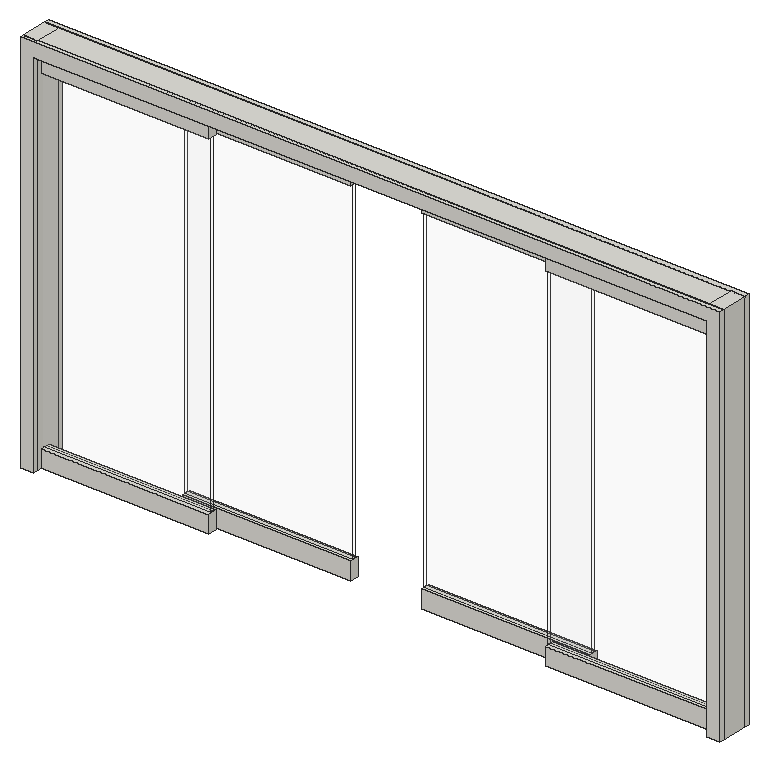
Revit family
Parameters (values of type "AT Glass door type1 (2Leafs) 03 W3800*H2100")
  프레임 투영 외부 = 25 mm
  프레임 투영 내부 = 25 mm
  프레임 폭 = 75 mm
  Height = 2100 mm
  Wall Closure = (empty or 0)
  Width = 3800 mm
  open doorA = 200 mm
  open door = 200 mm
  adhesion doorA = 950 mm
  adhesion door = Width - Auto door - Auto doorA - adhesion doorA  # 950 mm
  Glass frame material = Chrome, 2
  Function = (empty or 0)
  Frame material = Chrome, 2
  Door material = white glass
  Auto doorA = 950 mm
  Auto door = 950 mm
  Assembly Code = ""
Reference planes
  plane 1: y = 0
  plane 2 "중심(왼쪽/오른쪽)": x = 0
  plane 3 "왼쪽": x = -950
  plane 4 "오른쪽": x = 2850
  plane 5: z = 2100
  plane 6 "외부": y = 75
  plane 7 "내부": y = -75
  plane 8: x = -200
  plane 9: x = 950
  plane 10: x = 750
  plane 11: x = 1150
  plane 12: x = 1900
  plane 13: x = 2100
Forms (mm)
  Extrusion 1, solid, material "Chrome, 2" <- "Frame material"
    sketch origin (-3172.125, -75, 0) x (1, 0, 0) y (0, 0, 1)
      loop
        line (2147.125, 0) -> (2222.125, 0) -> (2222.125, 2100) -> (6022.125, 2100) -> (6022.125, 0) -> (6097.125, 0) -> (6097.125, 2175) -> (2147.125, 2175) -> (2147.125, 0)
    from 0 to 25
  Extrusion 2, solid, material "Chrome, 2" <- "Frame material"
    sketch origin (-3172.125, 75, 0) x (-1, 0, 0) y (0, 0, 1)
      loop
        line (-2222.125, 0) -> (-2147.125, 0) -> (-2147.125, 2175) -> (-6097.125, 2175) -> (-6097.125, 0) -> (-6022.125, 0) -> (-6022.125, 2100) -> (-2222.125, 2100) -> (-2222.125, 0)
    from 0 to 25
  Extrusion 3, solid, material "Chrome, 2" <- "Frame material"
    sketch origin (0, 75, 0) x (1, 0, 0) y (0, 0, 1)
      loop
        line (2925, 2175) -> (2850, 2175) -> (-950, 2175) -> (-1025, 2175) -> (-1025, 0) -> (-950, 0) -> (-950, 2100) -> (2850, 2100) -> (2850, 0) -> (2925, 0) -> (2925, 2175)
    from 0 to 150
  Extrusion 4, solid, material "white glass" <- "Door material"
    sketch origin (0, 0, 0) x (1, 0, 0) y (0, 1, 0)
      loop
        line (-200, 47.5) -> (-200, 27.5) -> (750, 27.5) -> (750, 47.5) -> (-200, 47.5)
    from 100 to 2000
  Extrusion 5, solid, material "Chrome, 2" <- "Glass frame material"
    sketch origin (0, -75, 0) x (1, 0, 0) y (0, 0, 1)
      loop
        line (750, 0) -> (750, 100) -> (-200, 100) -> (-200, 0) -> (750, 0)
      loop
        line (750, 2100) -> (-200, 2100) -> (-200, 2000) -> (750, 2000) -> (750, 2100)
    from -136.913 to -87.537
  Extrusion 6, solid, material "white glass" <- "Door material"
    sketch origin (-600, -62.5, 0) x (1, 0, 0) y (0, 1, 0)
      loop
        line (-350, 47.5) -> (-350, 27.5) -> (600, 27.5) -> (600, 47.5) -> (-350, 47.5)
    from 100 to 2000
  Extrusion 7, solid, material "Chrome, 2" <- "Glass frame material"
    sketch origin (-600, -136.913, 0) x (1, 0, 0) y (0, 0, 1)
      loop
        line (600, 0) -> (600, 100) -> (-350, 100) -> (-350, 0) -> (600, 0)
      loop
        line (600, 2100) -> (-350, 2100) -> (-350, 2000) -> (600, 2000) -> (600, 2100)
    from -136.913 to -87.537
  Extrusion 8, solid, material "Chrome, 2" <- "Glass frame material"
    sketch origin (2250, -136.913, 0) x (1, 0, 0) y (0, 0, 1)
      loop
        line (600, 0) -> (600, 100) -> (-350, 100) -> (-350, 0) -> (600, 0)
      loop
        line (600, 2100) -> (-350, 2100) -> (-350, 2000) -> (600, 2000) -> (600, 2100)
    from -136.913 to -87.537
  Extrusion 9, solid, material "white glass" <- "Door material"
    sketch origin (2250, -62.5, 0) x (1, 0, 0) y (0, 1, 0)
      loop
        line (-350, 47.5) -> (-350, 27.5) -> (600, 27.5) -> (600, 47.5) -> (-350, 47.5)
    from 100 to 2000
  Extrusion 10, solid, material "Chrome, 2" <- "Glass frame material"
    sketch origin (1550, -75, 0) x (1, 0, 0) y (0, 0, 1)
      loop
        line (550, 0) -> (550, 100) -> (-400, 100) -> (-400, 0) -> (550, 0)
      loop
        line (550, 2100) -> (-400, 2100) -> (-400, 2000) -> (550, 2000) -> (550, 2100)
    from -136.913 to -87.537
  Extrusion 11, solid, material "white glass" <- "Door material"
    sketch origin (0, 0, 0) x (1, 0, 0) y (0, 1, 0)
      loop
        line (1150, 47.5) -> (1150, 27.5) -> (2100, 27.5) -> (2100, 47.5) -> (1150, 47.5)
    from 100 to 2000
Lines and regions (mm)
  Opening 1
    outline origin (-3172.125, -75, 0) x (1, 0, 0) y (0, 0, 1)
      loop
        line (2147.125, 0) -> (6097.125, 0) -> (6097.125, 2175) -> (2147.125, 2175) -> (2147.125, 0)
  Opening 2
    outline origin (-5122.125, -75, 0) x (1, 0, 0) y (0, 0, 1)
      loop
        line (8047.125, 0) -> (8047.125, 2175) -> (8047.125, 0)
Text (mm)
  text "Exterior" at (-2295.016, 1099.543, 0), in view "참조 레벨"
  text "Exterior" at (0, 1615.38, 3698.081), in view "왼쪽"
  text "Exterior" at (0, 1036.032, 3874.932), in view "오른쪽"
Dimensions and locks
  equal spacing: plane 3 "왼쪽", plane 9, plane 4 "오른쪽"
  "Width": plane 3 "왼쪽" to plane 4 "오른쪽"
  "Height": plane 5 to host wall
  host wall to plane 5 = 2100 mm  (x2)
  "프레임 투영 외부": Extrusion 2 to Extrusion 2
  "프레임 투영 내부": Extrusion 1 to Extrusion 1
  "프레임 폭": plane 3 "왼쪽" to Extrusion 1 sketch curve
  "프레임 폭": plane 4 "오른쪽" to Extrusion 1 sketch curve
  "프레임 폭": Extrusion 1 sketch curve to plane 5
  "프레임 폭": plane 4 "오른쪽" to Extrusion 2 sketch curve
  "프레임 폭": plane 3 "왼쪽" to Extrusion 2 sketch curve
  "프레임 폭": plane 5 to Extrusion 2 sketch curve
  locked: plane 6 "외부" to host wall at 0
  locked: plane 7 "내부" to host wall
  "adhesion door": plane 3 "왼쪽" to plane 2 "중심(왼쪽/오른쪽)"
  locked: Extrusion 4 sketch curve to Extrusion 4 sketch curve at 20
  locked: Extrusion 5 sketch curve to Extrusion 5 sketch curve at 100  (x2)
  locked: Extrusion 5 to Extrusion 5 at 49.376
  locked: Extrusion 4 sketch curve to Extrusion 5 at 14.963
  locked: Extrusion 6 sketch curve to Extrusion 6 sketch curve at 20
  locked: Extrusion 7 sketch curve to Extrusion 7 sketch curve at 100  (x2)
  locked: Extrusion 7 to Extrusion 7 at 49.376
  locked: Extrusion 6 sketch curve to Extrusion 7 at 14.376
  locked: Extrusion 7 to Extrusion 5 at 12.537
  "Auto door": plane 8 to plane 10
  locked: Extrusion 8 sketch curve to Extrusion 8 sketch curve at 100  (x2)
  locked: Extrusion 8 to Extrusion 8 at 49.376
  locked: Extrusion 9 sketch curve to Extrusion 9 sketch curve at 20
  locked: Extrusion 10 sketch curve to Extrusion 10 sketch curve at 100  (x2)
  locked: Extrusion 10 to Extrusion 10 at 49.376
  "Auto doorA": plane 11 to plane 13
  "adhesion doorA": plane 12 to plane 4 "오른쪽"
  "open door": plane 10 to plane 9
  "open doorA": plane 9 to plane 11
  locked: Extrusion 11 sketch curve to Extrusion 11 sketch curve at 20
  aligned and locked: level to Extrusion 1 sketch curve
  aligned and locked: plane 5 to Extrusion 1 sketch curve  (x2)
  aligned and locked: Extrusion 1 sketch curve to plane 4 "오른쪽"
  aligned and locked: plane 3 "왼쪽" to Extrusion 1 sketch curve
  aligned and locked: plane 3 "왼쪽" to Extrusion 2 sketch curve
  aligned and locked: plane 5 to Extrusion 2 sketch curve  (x2)
  aligned and locked: level to Extrusion 2 sketch curve
  aligned and locked: host wall to plane 1
  aligned and locked: host wall to Extrusion 3
  aligned and locked: Opening 2 sketch curve to host wall  (x2)
  aligned and locked: Extrusion 2 to Extrusion 3
  aligned and locked: Extrusion 3 sketch curve to Extrusion 2  (x2)
  aligned and locked: Extrusion 3 sketch curve to host wall
  aligned and locked: plane 8 to Extrusion 5 sketch curve
  aligned and locked: level to Extrusion 5 sketch curve
  aligned and locked: Extrusion 5 sketch curve to plane 8
  aligned and locked: Extrusion 5 sketch curve to Extrusion 1
  aligned and locked: Extrusion 4 to Extrusion 5  (x2)
  aligned and locked: Extrusion 7 sketch curve to Extrusion 1  (x3)
  aligned and locked: plane 2 "중심(왼쪽/오른쪽)" to Extrusion 7 sketch curve
  aligned and locked: level to Extrusion 7 sketch curve
  aligned and locked: Extrusion 7 sketch curve to plane 2 "중심(왼쪽/오른쪽)"
  aligned and locked: Extrusion 3 to Extrusion 6 sketch curve
  aligned and locked: Extrusion 6 sketch curve to Extrusion 7
  aligned and locked: Extrusion 6 to Extrusion 7  (x2)
  aligned and locked: plane 1 to Extrusion 7
  aligned and locked: Extrusion 5 sketch curve to plane 10
  aligned and locked: plane 10 to Extrusion 5 sketch curve
  aligned and locked: Extrusion 4 sketch curve to Extrusion 5
  aligned and locked: Extrusion 8 sketch curve to plane 12
  aligned and locked: plane 12 to Extrusion 8 sketch curve
  aligned and locked: plane 4 "오른쪽" to Extrusion 8 sketch curve
  aligned and locked: Extrusion 8 sketch curve to plane 4 "오른쪽"
  aligned and locked: Extrusion 8 sketch curve to plane 5
  aligned and locked: level to Extrusion 8 sketch curve
  aligned and locked: Extrusion 10 sketch curve to plane 11  (x2)
  aligned and locked: Extrusion 10 sketch curve to plane 13
  aligned and locked: plane 13 to Extrusion 10 sketch curve
  aligned and locked: Extrusion 9 to plane 4 "오른쪽"
  aligned and locked: Extrusion 9 sketch curve to Extrusion 8
  aligned and locked: Extrusion 11 sketch curve to Extrusion 10  (x2)
  aligned and locked: Extrusion 4 to Extrusion 11
  aligned and locked: Extrusion 9 to Extrusion 11
  aligned and locked: Extrusion 10 sketch curve to Extrusion 1
  aligned and locked: Extrusion 11 to Extrusion 10
Automatic sketch dimensions
  Extrusion 2 sketch curve to plane 4 "오른쪽" = 0 mm
  Extrusion 1 sketch curve to level = 0 mm
  Extrusion 2 sketch curve to level = 0 mm
  Opening 1 sketch curve to level = 0 mm
  Opening 1 sketch curve to plane 5 = 75 mm
  Opening 1 sketch curve to plane 4 "오른쪽" = 75 mm
  plane 3 "왼쪽" to Opening 1 sketch curve = 75 mm
  Opening 2 sketch curve to level = 0 mm
  Opening 2 sketch curve to Opening 2 sketch curve = 0 mm  (x2)
  Opening 2 sketch curve to plane 5 = 75 mm
  Extrusion 3 sketch curve to level = 0 mm  (x2)
  Extrusion 3 sketch curve to plane 3 "왼쪽" = 0 mm  (x2)
  Extrusion 3 sketch curve to plane 4 "오른쪽" = 0 mm  (x2)
  Extrusion 3 sketch curve to plane 5 = 0 mm
  Extrusion 4 sketch curve to plane 8 = 0 mm
  Extrusion 9 sketch curve to plane 4 "오른쪽" = 0 mm
  host wall to Extrusion 9 sketch curve = 15 mm
  Extrusion 11 sketch curve to host wall = 27.5 mm
  Extrusion 10 sketch curve to level = 0 mm
